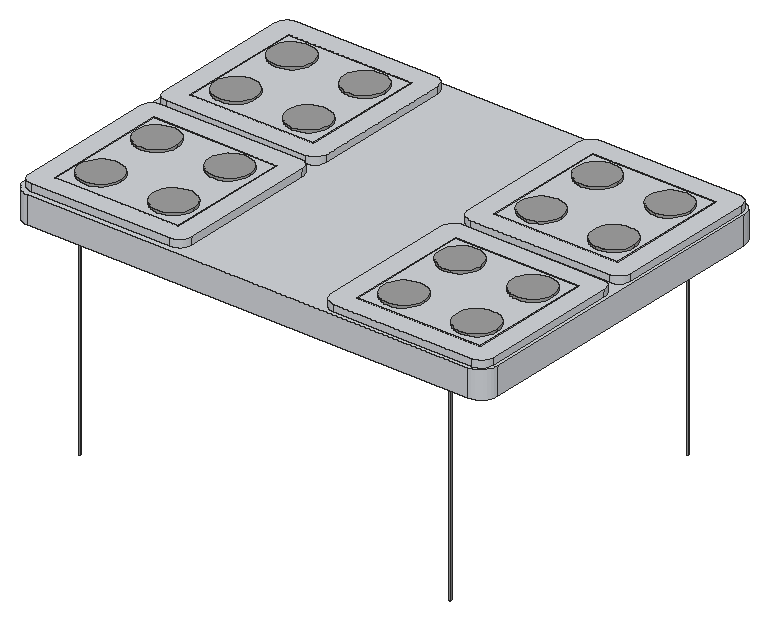
Revit family "Lighting-Industriale-GEWISS-SMART[4]HACCP_APPARECCHI-LED_4M", category Apparecchi per illuminazione, Revit 2019
Family settings
  Quota connettore circolare = Usa diametro
  Tipo di parte = Normale
  Numero OmniClass = 23.80.70.00
  Titolo OmniClass = Lighting
  Basato su piano di lavoro = Sì
  Sempre verticale = No
  Taglio con vuoti quando caricato = No
  Sorgente d'illuminazione = No
  Condiviso = No
  Punto di calcolo locali = No
Parameters (values of type "GWS4420HQ857 - SMART4HB 4M S.A.ON/OFF HACCP ELL.57K")
  Voltaggio = 230 V
  Viti esterne = "Acciaio inox"
  Versione file RFA = "20.11"
  Vano di alimentazione = "Integrato"
  URL = "https://www.gewiss.com/it/it"
  Tolleranza cromatica = "SDCM = 3"
  Tipologia sorgente luminosa = "LED - Non sostituibile"
  Tipo di installazione e montaggio = "Plafone - Parete - Sospensione"
  Tipo di apparecchio = "Riflettore industriale a LED&nbsp;"
  Tensione di alimentazione = "220 - 240 V"
  Temperatura di stoccaggio = "-40 +70 °C"
  Temperatura di esercizio = "-30 +50 °C"
  Temperatura di colore = "5700K"
  Superficie massima esposta al vento : = "0,350 m²"
  Spostamento_y_etichetta [instance] = 0 mm
  Spostamento_y_effettivo_etichetta [instance] = 1500 mm - Spostamento_y_etichetta  # 1500 mm
  Spostamento_x_etichetta [instance] = 0 mm
  Spostamento_x_effettivo_etichetta [instance] = 1500 mm - Spostamento_x_etichetta  # 1500 mm
  SostituibilitÃ  piastra di cablaggio = "Non sostituibile"
  SostituibilitÃ  gruppo ottico = "Non sostituibile"
  Sistema di controllo : = "ON / OFF"
  Sistema di controllo = "ON / OFF"
  Schermo = "PMMA"
  Scheda Tecnica = "https://www.gewiss.com/it/it/search?q=GWS4420HQ857"
  SEO = "High bay"
  Resistenza al filo incandescente = "650 °C"
  Resistenza agli urti = "IK07"
  Produttore = "GEWISS S.p.A."
  Potenza di sistema = "253W"
  Peso (kg): = "13,5"
  Ottica = "Ellittica"
  Offset etichetta W [instance] = 150 mm
  Norma di riferimento = "EN 60598-1 ; EN 60598-2-1 ; EN 60598-2-24"
  Modello = "GWS4420HQ857"
  Materiali = "-"
  Lumen output (lm) = "32500"
  Lampada = "LED"
  Installazione e manutenzione = "-"
  Informazioni generali = "-"
  Indice di resa cromatica = "CRI-80"
  Inclinazione = "Con accessorio staffa"
  Immagine tipo = GWL1371.jpg
  IPEA = "-"
  IFC.TypeObject = ""
  IFC.ExportType = ""
  IFC.ExportAs = ""
  IDT = "6af7526969d54a719d91d201a8e6a89f"
  IDF = "8405f99d-8aa0-4b3a-978f-5f6364963bb9"
  Guarnizioni = "tipo siliconico antinvecchiamento "
  Gruppo ottico = "Riflettore in PC metallizzato e lenti in PMMA"
  Grado di protezione = "IP65"
  Garanzia = "5 anni"
  Gancio di chiusura = "-"
  Frequenza nominale (Hz) = "50/60 Hz"
  Fissaggio = "-"
  Finitura colore = "Grigio RAL 7035"
  Etichetta wattaggio [instance] = yes
  Spessore plafoniera = 40 mm  # constant formula
  Default Elevation = 1219.2 mm
  Proiettsmart4_simb [instance] = yes
  Plafoniera_bidimensionale [instance] = not(Proiettsmart4_simb)  # no
  Efficienza luminosa (lm/W) = "128"
  Durata di vita = "L90B10 (Tq+25°C) = 70.000 h - L90B10 (Tq+50°C) = 35.000 h"
  Dispositivo di protezione = "DM 6 kV / CM 10 kV"
  Descrizione = "SMART[4]HB 4M S.A.ON/OFF HACCP ELL.57K"
  Creato da GEWISS S.p.A. = ""
  Corpo = "PA6 “Halogen Free” caricato fibra vetro"
  Controllo abbagliamento e luminanza = "-"
  Contesto = "Illuminazione di logistiche e locali produttivi industriali di tipo alimentari"
  Commenti sul wattaggio = "194W"
  Colore = "Grigio RAL 7035"
  Codice digitale univoco (Datamatrix) = "Datamatrix"
  Codice Electrocod = "2444"
  Classificazione: = "-"
  Classificazione = Lighting
  Classe isolamento = "I"
  Classe fotobiologica = "RG0"
  Certificazioni e classificazioni = "-"
  Certificazione DIN 18032-3 = "-"
  Catalogo = "LIGHTING"
  Carico apparente = 194 VA
  Lunghezza = 700 mm  # constant formula
  Larghezza = 504 mm  # constant formula
  Distanza_tot_plafoniera [instance] = 300 mm
  Distanza Sorg_Lum = 21.458 mm
  Caratteristiche ottiche e illuminotecniche = "-"
  Caratteristiche elettriche e gestione della luce = "-"
  Cablaggio = "Con connettore stagno Gw connect"
  COBie.Tagnumber = ""
  COBie.CreatedOn = ""
  COBie.CreatebBy = ""
  COBie.ComponentRegisterItemID = ""
  COBie.Component.TagNumber = ""
  COBie.Component.Space = ""
  COBie.Component.SerialNumber = ""
  COBie.Component.InstallationDate = ""
  COBie.Component.Description = ""
  COBie.Component.BarCode = ""
  Applicazione = "Interno"
  Apparecchio a ridotta temperatura superficiale = "Si"
  Alimentatore = "Incluso"
Types (12, lengths in mm): name | Temperatura di colore | Scheda Tecnica | SEO | Ottica | Modello | Lumen output (lm) | IDT | Gruppo ottico | Efficienza luminosa (lm/W) | Descrizione | Controllo abbagliamento e luminanza
  GWS4420HA840 - SMART4HB 4M S.A.ON/OFF HACCP ARR.40K | "4000K" | "https://www.gewiss.com/it/it/search?q=GWS4420HA840" | "" | "Array" | "GWS4420HA840" | "36400" | "e019ae3f481d4e8c9de7f0ac2febc06f" | "Riflettore in PC metallizzato" | "144" | "SMART[4]HB 4M S.A.ON/OFF HACCP ARR.40K" | "UGR - 25"
  GWS4420HA857 - SMART4HB 4M S.A.ON/OFF HACCP ARR.57K | "5700K" | "https://www.gewiss.com/it/it/search?q=GWS4420HA857" | "" | "Array" | "GWS4420HA857" | "36400" | "0e2e5ebdaf1442a48c1e6b9add2bb6ce" | "Riflettore in PC metallizzato" | "144" | "SMART[4]HB 4M S.A.ON/OFF HACCP ARR.57K" | "UGR - 25"
  GWS4420HC840 - SMART4HB 4M S.A.ON/OFF HACCP ASI.40K | "4000K" | "https://www.gewiss.com/it/it/search?q=GWS4420HC840" | "High bay" | "Asimmetrica" | "GWS4420HC840" | "33000" | "44559c78d6a34dcca4d0aa63fcb39f96" | "Riflettore in PC metallizzato e lenti in PMMA" | "130" | "SMART[4]HB 4M S.A.ON/OFF HACCP ASI.40K" | "-"
  GWS4420HC857 - SMART4HB 4M S.A.ON/OFF HACCP ASI.57K | "5700K" | "https://www.gewiss.com/it/it/search?q=GWS4420HC857" | "High bay" | "Asimmetrica" | "GWS4420HC857" | "33000" | "1474f6b6970642a79c6fa81210ae103d" | "Riflettore in PC metallizzato e lenti in PMMA" | "130" | "SMART[4]HB 4M S.A.ON/OFF HACCP ASI.57K" | "-"
  GWS4420HF840 - SMART4HB 4M S.A.ON/OFF HACCP 30° 40K | "4000K" | "https://www.gewiss.com/it/it/search?q=GWS4420HF840" | "" | "30°" | "GWS4420HF840" | "35700" | "2de4e512d7004454be497bd38de6ee3e" | "Riflettore in PC metallizzato e lenti in PMMA" | "141" | "SMART[4]HB 4M S.A.ON/OFF HACCP 30° 40K" | "UGR - 19"
  GWS4420HF857 - SMART4HB 4M S.A.ON/OFF HACCP 30° 57K | "5700K" | "https://www.gewiss.com/it/it/search?q=GWS4420HF857" | "" | "30°" | "GWS4420HF857" | "35700" | "50b38582a67c4cac80b5449c80ae3b39" | "Riflettore in PC metallizzato e lenti in PMMA" | "141" | "SMART[4]HB 4M S.A.ON/OFF HACCP 30° 57K" | "UGR - 19"
  GWS4420HH840 - SMART4HB 4M S.A.ON/OFF HACCP 60° 40K | "4000K" | "https://www.gewiss.com/it/it/search?q=GWS4420HH840" | "" | "60°" | "GWS4420HH840" | "36100" | "88c43bf56b84402faefd49b93192b908" | "Riflettore in PC metallizzato e lenti in PMMA" | "143" | "SMART[4]HB 4M S.A.ON/OFF HACCP 60° 40K" | "UGR - 22"
  GWS4420HH857 - SMART4HB 4M S.A.ON/OFF HACCP 60° 57K | "5700K" | "https://www.gewiss.com/it/it/search?q=GWS4420HH857" | "" | "60°" | "GWS4420HH857" | "36100" | "4633d56f5df94cad8f6a7aae80280d63" | "Riflettore in PC metallizzato e lenti in PMMA" | "143" | "SMART[4]HB 4M S.A.ON/OFF HACCP 60° 57K" | "UGR - 22"
  GWS4420HP840 - SMART4HB 4M S.A.ON/OFF HACCP 90° 40K | "4000K" | "https://www.gewiss.com/it/it/search?q=GWS4420HP840" | "" | "90°" | "GWS4420HP840" | "36100" | "a249c8cc7a574d479e30ffedf1397ed4" | "Riflettore in PC metallizzato e lenti in PMMA" | "143" | "SMART[4]HB 4M S.A.ON/OFF HACCP 90° 40K" | "UGR - 22"
  GWS4420HP857 - SMART4HB 4M S.A.ON/OFF HACCP 90° 57K | "5700K" | "https://www.gewiss.com/it/it/search?q=GWS4420HP857" | "" | "90°" | "GWS4420HP857" | "36100" | "073f246ff85e470e91d2c20ad3ee5524" | "Riflettore in PC metallizzato e lenti in PMMA" | "143" | "SMART[4]HB 4M S.A.ON/OFF HACCP 90° 57K" | "UGR - 22"
  GWS4420HQ840 - SMART4HB 4M S.A.ON/OFF HACCP ELL.40K | "4000K" | "https://www.gewiss.com/it/it/search?q=GWS4420HQ840" | "High bay" | "Ellittica" | "GWS4420HQ840" | "32500" | "c1b6bdee583b4ed0976e2138c489e209" | "Riflettore in PC metallizzato e lenti in PMMA" | "128" | "SMART[4]HB 4M S.A.ON/OFF HACCP ELL.40K" | "-"
  GWS4420HQ857 - SMART4HB 4M S.A.ON/OFF HACCP ELL.57K | "5700K" | "https://www.gewiss.com/it/it/search?q=GWS4420HQ857" | "High bay" | "Ellittica" | "GWS4420HQ857" | "32500" | "6af7526969d54a719d91d201a8e6a89f" | "Riflettore in PC metallizzato e lenti in PMMA" | "128" | "SMART[4]HB 4M S.A.ON/OFF HACCP ELL.57K" | "-"
Reference planes
  plane 1 "Asse sorgente illuminazione (F/B)": y = 0
  plane 2 "2": z = 0
  plane 3 "Asse sorgente illuminazione (L/R)": x = 0
  plane 4 "Prospetto sorgente di illuminazione": z = 1500
  plane 5: x = -350
  plane 6: y = 252
  plane 7: x = 350
  plane 8: y = -252
  plane 9: x = 345
  plane 10: x = -345
  plane 11: x = -104.5
  plane 12: x = 104.5
  plane 13: y = 0
  plane 14: y = -1500
  plane 15: z = 300
  plane 16: z = 340
  plane 17: z = 350
  plane 18: x = -1500
  plane 19: x = 0
  plane 20: y = 0
Dimensions and locks
  equal spacing: plane 6, plane 1 "Asse sorgente illuminazione (F/B)", plane 8
  "Larghezza": plane 6 to plane 8
  equal spacing: plane 5, plane 3 "Asse sorgente illuminazione (L/R)", plane 7
  "Lunghezza": plane 5 to plane 7
  locked: plane 5 to plane 10 at 5
  locked: plane 9 to plane 7 at 5
  locked: plane 16 to plane 15 at 40
  plane 17 to plane 16 = 10 mm
  "Distanza_tot_plafoniera": plane 15 to plane 2 "2"
  plane 18 to plane 3 "Asse sorgente illuminazione (L/R)" = 1500 mm
  plane 1 "Asse sorgente illuminazione (F/B)" to plane 14 = 1500 mm
  "Spostamento_y_effettivo_etichetta": plane 20 to plane 14
  "Spostamento_x_effettivo_etichetta": plane 18 to plane 19
  aligned and locked: level to plane 2 "2"
  aligned and locked: plane 5 to nested 1
  aligned and locked: plane 6 to nested 1
  aligned and locked: plane 9 to nested 2  (x2)
  aligned and locked: plane 10 to nested 12
  aligned and locked: nested 1 to plane 15
  aligned and locked: nested 17 to plane 16
  aligned and locked: plane 16 to nested 12
  aligned and locked: plane 16 to nested 7
  aligned and locked: nested 2 to plane 16
  aligned and locked: plane 17 to nested 19
  aligned and locked: nested 21 to plane 17
  aligned and locked: plane 17 to nested 16
  aligned and locked: nested 14 to plane 17
  aligned and locked: plane 17 to nested 18
  aligned and locked: nested 20 to plane 17
  aligned and locked: plane 17 to nested 15
  aligned and locked: nested 13 to plane 17
  aligned and locked: nested 8 to plane 17
  aligned and locked: plane 17 to nested 10
  aligned and locked: nested 5 to plane 17
  aligned and locked: plane 17 to nested 3
  aligned and locked: nested 9 to plane 17
  aligned and locked: plane 17 to nested 11
  aligned and locked: nested 6 to plane 17
  aligned and locked: plane 17 to nested 4
  aligned and locked: nested 22 to plane 2 "2"
  aligned and locked: nested 23 to plane 2 "2"
  aligned and locked: nested 24 to plane 2 "2"
  aligned and locked: nested 25 to plane 2 "2"
  aligned and locked: nested 28 to plane 20
  aligned and locked: nested 28 to plane 19
Nested families
  nested 1: "Struttura_SMART 4" at (0, 0, 340), type "SMART 4 HB - 4 x 4L"
  nested 2: "mascherina_SMART (4)" at (225, 127, 350), type "Maschera_smart (4) 4L", detail levels fine
  nested 3: "Gewis - Led" at (172.217, 179, 353), type "Gewis - Led", detail levels medium+fine
  nested 4: "Gewis - Led" at (280, 179, 353), type "Gewis - Led", detail levels medium+fine
  nested 5: "Gewis - Led" at (172.217, 75, 353), type "Gewis - Led", detail levels medium+fine
  nested 6: "Gewis - Led" at (280, 75, 353), type "Gewis - Led", detail levels medium+fine
  nested 7: "mascherina_SMART (4)" at (225, -127, 350), type "Maschera_smart (4) 4L", detail levels fine
  nested 8: "Gewis - Led" at (172.217, -179, 353), type "Gewis - Led", detail levels medium+fine
  nested 9: "Gewis - Led" at (280, -179, 353), type "Gewis - Led", detail levels medium+fine
  nested 10: "Gewis - Led" at (172.217, -75, 353), type "Gewis - Led", detail levels medium+fine
  nested 11: "Gewis - Led" at (280, -75, 353), type "Gewis - Led", detail levels medium+fine
  nested 12: "mascherina_SMART (4)" at (-225, 127, 350) x (-1, 0, 0) z (0, 0, 1), type "Maschera_smart (4) 4L", detail levels fine
  nested 13: "Gewis - Led" at (-172.217, 179, 353) x (-1, 0, 0) z (0, 0, 1), type "Gewis - Led", detail levels medium+fine
  nested 14: "Gewis - Led" at (-280, 179, 353) x (-1, 0, 0) z (0, 0, 1), type "Gewis - Led", detail levels medium+fine
  nested 15: "Gewis - Led" at (-172.217, 75, 353) x (-1, 0, 0) z (0, 0, 1), type "Gewis - Led", detail levels medium+fine
  nested 16: "Gewis - Led" at (-280, 75, 353) x (-1, 0, 0) z (0, 0, 1), type "Gewis - Led", detail levels medium+fine
  nested 17: "mascherina_SMART (4)" at (-225, -123, 350) x (-1, 0, 0) z (0, 0, 1), type "Maschera_smart (4) 4L", detail levels fine
  nested 18: "Gewis - Led" at (-172.217, -175, 353) x (-1, 0, 0) z (0, 0, 1), type "Gewis - Led", detail levels medium+fine
  nested 19: "Gewis - Led" at (-280, -175, 353) x (-1, 0, 0) z (0, 0, 1), type "Gewis - Led", detail levels medium+fine
  nested 20: "Gewis - Led" at (-172.217, -71, 353) x (-1, 0, 0) z (0, 0, 1), type "Gewis - Led", detail levels medium+fine
  nested 21: "Gewis - Led" at (-280, -71, 353) x (-1, 0, 0) z (0, 0, 1), type "Gewis - Led", detail levels medium+fine
  nested 22: "Sospensione_ SMART LAB 4" at (274.338, -220.687, 0), Altezza sospensione <- "Distanza_tot_plafoniera", type "Sospensione_ SMART LAB 4"
    with Altezza sospensione 300 mm
  nested 23: "Sospensione_ SMART LAB 4" at (274.338, 219.313, 0), Altezza sospensione <- "Distanza_tot_plafoniera", type "Sospensione_ SMART LAB 4"
    with Altezza sospensione 300 mm
  nested 24: "Sospensione_ SMART LAB 4" at (-274.338, -220.687, 0), Altezza sospensione <- "Distanza_tot_plafoniera", type "Sospensione_ SMART LAB 4"
    with Altezza sospensione 300 mm
  nested 25: "Sospensione_ SMART LAB 4" at (-274.338, 219.313, 0), Altezza sospensione <- "Distanza_tot_plafoniera", type "Sospensione_ SMART LAB 4"
    with Altezza sospensione 300 mm
  nested 26: "Rappr_ bidimensionale" at (0, 0, 0), visible <- "Plafoniera_bidimensionale", type "4 X4 LED"
  nested 27: "PROIETTSMART - 4" at (0, 0, 0), visible <- "Proiettsmart4_simb", type "PROIETTSMART - 4"
  nested 28: "ETICHETTA LIGHT" at (0, 0, 0), type "ETICHETTA LIGHT"
Connectors
  electrical at (0.009, -0.098, 300), driven by "Classificazione", driven by "Carico apparente"
    settings: on nested 1, index 1, voltage 230 V, apparent load 0 VA, apparent load phase1 194 VA, apparent load phase2 0 VA, apparent load phase3 0 VA, power factor 1, load classification "Lighting", number of poles 2, system type 31, power factor state 1, is connector primary yes, connector utility no, sub classification motor no, connector description ""
Definition of nested family "Struttura_SMART 4"
  Parameters (values of type "SMART 4 HB - 4 x 4L")
    Struttura plafoniera = none
    Spessore_plafoniera = 40 mm
    Lunghezza = 700 mm
    Larghezza = 504 mm
  Types (2, lengths in mm): name | Lunghezza | Larghezza
    SMART 4 HB - 4+4L | 699 | 254
    SMART 4 HB - 4 x 4L | 700 | 504
  Reference planes
    plane 1 "Asse sorgente illuminazione (F/B)": y = 0
    plane 2: z = 0
    plane 3 "Asse sorgente illuminazione (L/R)": x = 0
    plane 4 "Prospetto sorgente di illuminazione": z = -40
    plane 5 "SX": x = -350
    plane 6 "DX": x = 350
    plane 7 "DIETRO": y = 252
    plane 8 "AVANTI": y = -252
    plane 9: x = 107
    plane 10: x = 339
    plane 11: y = -241
    plane 12: y = 241
    plane 13: x = -339
    plane 14: x = -107
  Forms (mm)
    Extrusion 1, solid, material <- "Struttura plafoniera"
      sketch origin (0, 0, 0) x (1, 0, 0) y (0, 1, 0)
        loop
          line (350, -227.595) -> (350, 227.59)
          arc (350, 227.59) -> (342.85, 244.85) -> (325.59, 252) r 24.41
          line (325.59, 252) -> (-325.509, 252)
          arc (-325.509, 252) -> (-343.054, 244.6) -> (-350, 226.871) r 24.499
          line (-350, 226.871) -> (-350, -227.592)
          arc (-350, -227.592) -> (-342.851, -244.851) -> (-325.592, -252) r 24.408
          line (-325.592, -252) -> (325.617, -252)
          arc (325.617, -252) -> (342.834, -244.868) -> (349.965, -227.652) r 24.348
      from -40 to 0
  Dimensions and locks
    equal spacing: plane 5 "SX", plane 3 "Asse sorgente illuminazione (L/R)", plane 6 "DX"
    equal spacing: plane 7 "DIETRO", plane 1 "Asse sorgente illuminazione (F/B)", plane 8 "AVANTI"
    "Lunghezza": plane 5 "SX" to plane 6 "DX"
    "Larghezza": plane 7 "DIETRO" to plane 8 "AVANTI"
    locked: plane 7 "DIETRO" to plane 12 at 11
    locked: plane 11 to plane 8 "AVANTI" at 11
    locked: plane 10 to plane 6 "DX" at 11
    locked: plane 9 to plane 10 at 232
    plane 13 to plane 14 = 232 mm
    locked: plane 5 "SX" to plane 13 at 11
    "Spessore_plafoniera": plane 2 to plane 4 "Prospetto sorgente di illuminazione"
    aligned and locked: level to plane 2
    aligned and locked: Extrusion 1 to plane 5 "SX"
    aligned and locked: Extrusion 1 to plane 8 "AVANTI"  (x2)
    aligned and locked: plane 7 "DIETRO" to Extrusion 1
    aligned and locked: plane 6 "DX" to Extrusion 1
    aligned and locked: plane 4 "Prospetto sorgente di illuminazione" to Extrusion 1
    aligned and locked: plane 2 to Extrusion 1
  Automatic sketch dimensions
    Extrusion 1 sketch curve to plane 5 "SX" = 0 mm
    Extrusion 1 sketch curve to plane 8 "AVANTI" = 0 mm
    Extrusion 1 sketch curve to plane 7 "DIETRO" = 0 mm
    Extrusion 1 sketch curve to plane 6 "DX" = 0 mm
    plane 13 to Extrusion 1 sketch curve = 13.408 mm
    plane 13 to Extrusion 1 sketch curve = 13.491 mm
    Extrusion 1 sketch curve to plane 10 = 13.41 mm
    Extrusion 1 sketch curve to plane 10 = 13.383 mm
    plane 11 to Extrusion 1 sketch curve = 13.348 mm
    Extrusion 1 sketch curve to plane 12 = 14.129 mm
    Extrusion 1 sketch curve to Extrusion 1 sketch curve = 0.056 mm
Definition of nested family "mascherina_SMART (4)"
  Parameters (values of type "Maschera_smart (4) 4L")
    Spessore_mascherina = 10 mm
    Default Elevation = 1219.2 mm
    N.intarsi = (Lunghezza_mascherina - (Bordo * 2)) / 15 mm  # 12
    N._intarsi verticale = (Larghezza_mascherina - (Bordo * 2)) / 17 mm  # 11
    Mascherina = none
    Lunghezza_mascherina = 240 mm
    Larghezza_mascherina = 240 mm
    Distanza_intarsi v. = 41 mm  # constant formula
    Distanza_intarsi = 37 mm  # constant formula
    Bordo = 29 mm
  Reference planes
    plane 1 "Centro (Fronte/Retro)": y = 0
    plane 2: z = 0
    plane 3 "Centro (Sinistra/Destra)": x = 0
    plane 4: x = -120
    plane 5 "Dietro": y = 120
    plane 6: x = 120
    plane 7: y = -120
    plane 8: x = -91
    plane 9: y = -91
    plane 10: x = 91
    plane 11: y = 91
    plane 12: x = -83
    plane 13: y = 94.742
    plane 14: y = -95
    plane 15: z = -10
    plane 16: x = -95
    plane 17: y = 79
    plane 18: y = -79
    plane 19: x = 95
    plane 20: z = -4.799
  Forms (mm)
    Extrusion 1, solid, material <- "Mascherina"
      sketch origin (0, 0, 0) x (1, 0, 0) y (0, 1, 0)
        loop
          arc (-102.5, 120) -> (-114.874, 114.874) -> (-120, 102.5) r 17.5
          line (-120, 102.5) -> (-120, -102.5)
          arc (-120, -102.5) -> (-114.874, -114.874) -> (-102.5, -120) r 17.5
          line (-102.5, -120) -> (102.5, -120)
          arc (102.5, -120) -> (114.874, -114.874) -> (120, -102.5) r 17.5
          line (120, -102.5) -> (120, 102.5)
          arc (120, 102.5) -> (114.874, 114.874) -> (102.5, 120) r 17.5
          line (102.5, 120) -> (-102.5, 120)
        loop
          line (-91, 91) -> (-91, -91) -> (91, -91) -> (91, 91) -> (-91, 91)
      from -10 to 0
    Extrusion 2, solid, material <- "Mascherina"
      sketch origin (0, 0, 0) x (1, 0, 0) y (0, 1, 0)
        loop
          line (-91, 91) -> (-91, -91) -> (91, -91) -> (91, 91) -> (-91, 91)
      from -4.799 to 0
  Dimensions and locks
    equal spacing: plane 4, plane 3 "Centro (Sinistra/Destra)", plane 6
    "Lunghezza_mascherina": plane 4 to plane 6
    equal spacing: plane 5 "Dietro", plane 1 "Centro (Fronte/Retro)", plane 7
    "Larghezza_mascherina": plane 5 "Dietro" to plane 7
    "Bordo": plane 4 to plane 8
    "Bordo": plane 9 to plane 7
    "Bordo": plane 5 "Dietro" to plane 11
    "Bordo": plane 10 to plane 6
    "Distanza_intarsi": plane 4 to plane 12
    locked: plane 13 to plane 11 at 3.742
    "Spessore_mascherina": plane 2 to plane 15
    "Distanza_intarsi v.": plane 5 "Dietro" to plane 17
    "Distanza_intarsi v.": plane 18 to plane 7
    locked: plane 9 to plane 14 at 4
    locked: plane 16 to plane 8 at 4
    locked: plane 10 to plane 19 at 4
    locked: plane 2 to plane 20 at 4.799
    radius of Extrusion 1 sketch curve = 17.5 mm  (x4)
    aligned and locked: level to plane 2
    aligned and locked: plane 4 to Extrusion 1 sketch curve
    aligned and locked: plane 6 to Extrusion 1 sketch curve
    aligned and locked: Extrusion 1 sketch curve to plane 5 "Dietro"
    aligned and locked: Extrusion 1 sketch curve to plane 7
    aligned and locked: Extrusion 1 sketch curve to plane 11
    aligned and locked: plane 8 to Extrusion 1 sketch curve
    aligned and locked: plane 9 to Extrusion 1 sketch curve
    aligned and locked: Extrusion 1 sketch curve to plane 10
    aligned and locked: plane 2 to Extrusion 1
    aligned and locked: Extrusion 1 to plane 15
    aligned and locked: Extrusion 2 sketch curve to plane 10
    aligned and locked: plane 9 to Extrusion 2 sketch curve
    aligned and locked: plane 8 to Extrusion 2 sketch curve
    aligned and locked: Extrusion 2 sketch curve to plane 11
    aligned and locked: plane 2 to Extrusion 2
    aligned and locked: Extrusion 2 to plane 20
Definition of nested family "Gewis - Led"
  Parameters (values of type "Gewis - Led")
    Vetro = none
    Raggio led = 30 mm
    Default Elevation = 1219.2 mm
    Estensione vetro = 3 mm
  Reference planes
    plane 1 "Centro (Fronte/Retro)": y = 0
    plane 2: z = 0
    plane 3 "Centro (Sinistra/Destra)": x = 0
  Forms (mm)
    Extrusion 1, solid, material <- "Vetro"
      sketch origin (0, 0, 0) x (1, 0, 0) y (0, 1, 0)
        loop
          circle (0, 0) r 30
      from -3 to 0
  Dimensions and locks
    "Estensione vetro": level to Extrusion 1
    "Raggio led": radius of Extrusion 1 sketch curve
    aligned and locked: level to plane 2
    aligned and locked: level to Extrusion 1
  Automatic sketch dimensions
    plane 1 "Centro (Fronte/Retro)" to Extrusion 1 sketch curve = 0 mm
    Extrusion 1 sketch curve to plane 3 "Centro (Sinistra/Destra)" = 0 mm
Definition of nested family "Sospensione_ SMART LAB 4"
  Parameters (values of type "Sospensione_ SMART LAB 4")
    Default Elevation = 1219.2 mm
    Altezza sospensione [instance] = 500 mm
  Reference planes
    plane 1 "Center (Front/Back)": y = 0
    plane 2: z = 0
    plane 3 "Center (Left/Right)": x = 0
    plane 4: z = 500
  Forms (mm)
    Extrusion 1, solid
      sketch origin (0, 0, 0) x (1, 0, 0) y (0, 1, 0)
        loop
          circle (0, -0.028) r 1.25
      from 0 to 500
  Lines and regions (mm)
    model lines, not visible
      curve 1: line (0, 0, 0) -> (0, 0, 9.482)
  Dimensions and locks
    "Altezza sospensione": plane 4 to level
    plane 4 to plane 2 = 500 mm
    aligned and locked: level to plane 2
    aligned and locked: plane 4 to Extrusion 1
    aligned and locked: Extrusion 1 to plane 2
  Automatic sketch dimensions
    Extrusion 1 sketch curve to plane 3 "Center (Left/Right)" = 0 mm
    plane 1 "Center (Front/Back)" to Extrusion 1 sketch curve = 0.028 mm
    curve 1 to plane 3 "Center (Left/Right)" = 0 mm
    curve 1 to level = 0 mm
    curve 1 to curve 1 = 9.482 mm
    radius of Extrusion 1 sketch curve = 1.25 mm
Definition of nested family "Rappr_ bidimensionale"
  Parameters (values of type "4 X4 LED")
    5 LED = no
    4 LED = not([5 LED])  # yes
  Reference planes
    plane 1 "Centro (Fronte/Retro)": y = 0
    plane 2: z = 0
    plane 3 "Centro (Sinistra/Destra)": x = 0
  Lines and regions (mm)
    model lines, in view "Livello rif.", visible <- "4 LED"
      curve 1: circle (176.124, 171.566, 0) r 28.619 normal (0, 0, 1)
      curve 2: circle (270.124, 77.566, 0) r 28.619 normal (0, 0, 1)
      curve 3: circle (176.124, 77.566, 0) r 28.619 normal (0, 0, 1)
      curve 4: circle (270.124, 171.566, 0) r 28.619 normal (0, 0, 1)
      curve 5: circle (-175.025, 77.434, 0) r 28.619 normal (0, 0, 1)
      curve 6: circle (-269.025, 171.434, 0) r 28.619 normal (0, 0, 1)
      curve 7: circle (-175.025, 171.434, 0) r 28.619 normal (0, 0, 1)
      curve 8: circle (-269.025, 77.434, 0) r 28.619 normal (0, 0, 1)
      curve 9: circle (-175.025, -171.611, 0) r 28.619 normal (0, 0, 1)
      curve 10: circle (-269.025, -77.611, 0) r 28.619 normal (0, 0, 1)
      curve 11: circle (-175.025, -77.611, 0) r 28.619 normal (0, 0, 1)
      curve 12: circle (-269.025, -171.611, 0) r 28.619 normal (0, 0, 1)
      curve 13: circle (176.124, -77.434, 0) r 28.619 normal (0, 0, 1)
      curve 14: circle (270.124, -171.434, 0) r 28.619 normal (0, 0, 1)
      curve 15: circle (176.124, -171.434, 0) r 28.619 normal (0, 0, 1)
      curve 16: circle (270.124, -77.434, 0) r 28.619 normal (0, 0, 1)
    model lines, in view "Livello rif."
      curve 17: arc (-326.07, 251.865, 0) -> (-342.562, 245.006, 0) -> (-349.39, 228.5, 0) r 23.365
      curve 18: arc (350.489, 228.546, 0) -> (343.613, 245.054, 0) -> (327.079, 251.865, 0) r 23.365
      curve 19: arc (327.098, -251.865, 0) -> (343.653, -245.015, 0) -> (350.489, -228.454, 0) r 23.365
      curve 20: arc (-349.39, -228.5, 0) -> (-342.555, -245.013, 0) -> (-326.05, -251.865, 0) r 23.365
      curve 21: arc (-102.728, -20.5, 0) -> (-107.214, -9.678, 0) -> (-118.041, -5.203, 0) r 15.297
      curve 22: arc (-118.041, 5.203, 0) -> (-107.214, 9.678, 0) -> (-102.728, 20.5, 0) r 15.297
      curve 23: arc (-118.041, -243.797, 0) -> (-107.214, -239.322, 0) -> (-102.728, -228.5, 0) r 15.297
      curve 24: arc (327.107, 5.203, 0) -> (337.947, 9.69, 0) -> (342.421, 20.535, 0) r 15.297
      curve 25: arc (103.827, 20.465, 0) -> (108.314, 9.677, 0) -> (119.107, 5.203, 0) r 15.297
      curve 26: arc (119.089, 243.797, 0) -> (108.308, 239.316, 0) -> (103.827, 228.535, 0) r 15.297
      curve 27: arc (342.421, 228.535, 0) -> (337.916, 239.341, 0) -> (327.089, 243.797, 0) r 15.297
      curve 28: arc (-341.321, 20.535, 0) -> (-336.859, 9.702, 0) -> (-326.041, 5.203, 0) r 15.297
      curve 29: arc (-326.059, 243.797, 0) -> (-336.865, 239.292, 0) -> (-341.321, 228.465, 0) r 15.297
      curve 30: arc (-102.728, 228.5, 0) -> (-107.22, 239.329, 0) -> (-118.059, 243.797, 0) r 15.297
      curve 31: arc (342.421, -20.465, 0) -> (337.922, -9.666, 0) -> (327.107, -5.203, 0) r 15.297
      curve 32: arc (327.107, -243.797, 0) -> (337.947, -239.31, 0) -> (342.421, -228.465, 0) r 15.297
      curve 33: arc (103.827, -228.535, 0) -> (108.314, -239.323, 0) -> (119.107, -243.797, 0) r 15.297
      curve 34: arc (119.107, -5.203, 0) -> (108.314, -9.677, 0) -> (103.827, -20.465, 0) r 15.297
      curve 35: arc (-341.321, -228.465, 0) -> (-336.859, -239.298, 0) -> (-326.041, -243.797, 0) r 15.297
      curve 36: arc (-326.041, -5.203, 0) -> (-336.859, -9.702, 0) -> (-341.321, -20.535, 0) r 15.297
      curve 37: line (130.624, 32, 0) -> (130.624, 217, 0)
      curve 38: line (130.624, 217, 0) -> (315.624, 217, 0)
      curve 39: line (315.624, 217, 0) -> (315.624, 32, 0)
      curve 40: line (315.624, 32, 0) -> (130.624, 32, 0)
      curve 41: line (-129.525, 32, 0) -> (-314.525, 32, 0)
      curve 42: line (-314.525, 32, 0) -> (-314.525, 217, 0)
      curve 43: line (-314.525, 217, 0) -> (-129.525, 217, 0)
      curve 44: line (-129.525, 217, 0) -> (-129.525, 32, 0)
      curve 45: line (-129.525, -217.045, 0) -> (-314.525, -217.045, 0)
      curve 46: line (-314.525, -217.045, 0) -> (-314.525, -32.045, 0)
      curve 47: line (-314.525, -32.045, 0) -> (-129.525, -32.045, 0)
      curve 48: line (-129.525, -32.045, 0) -> (-129.525, -217.045, 0)
      curve 49: line (130.624, -217, 0) -> (130.624, -32, 0)
      curve 50: line (130.624, -32, 0) -> (315.624, -32, 0)
      curve 51: line (315.624, -32, 0) -> (315.624, -217, 0)
      curve 52: line (315.624, -217, 0) -> (130.624, -217, 0)
      curve 53: line (-349.39, 228.5, 0) -> (-349.39, -228.5, 0)
      curve 54: line (327.079, 251.865, 0) -> (-326.07, 251.865, 0)
      curve 55: line (350.489, -228.454, 0) -> (350.489, 228.546, 0)
      curve 56: line (327.098, -251.865, 0) -> (-326.05, -251.865, 0)
      curve 57: line (-102.728, -228.5, 0) -> (-102.728, -20.5, 0)
      curve 58: line (-326.041, -5.203, 0) -> (-118.041, -5.203, 0)
      curve 59: line (-102.728, 20.5, 0) -> (-102.728, 228.5, 0)
      curve 60: line (-326.041, 5.203, 0) -> (-118.041, 5.203, 0)
      curve 61: line (119.107, 5.203, 0) -> (327.107, 5.203, 0)
      curve 62: line (103.827, 20.465, 0) -> (103.827, 228.535, 0)
      curve 63: line (119.089, 243.797, 0) -> (327.089, 243.797, 0)
      curve 64: line (342.421, 20.535, 0) -> (342.421, 228.535, 0)
      curve 65: line (-341.321, 20.535, 0) -> (-341.321, 228.465, 0)
      curve 66: line (-326.059, 243.797, 0) -> (-118.059, 243.797, 0)
      curve 67: line (119.107, -5.203, 0) -> (327.107, -5.203, 0)
      curve 68: line (342.421, -228.465, 0) -> (342.421, -20.465, 0)
      curve 69: line (119.107, -243.797, 0) -> (327.107, -243.797, 0)
      curve 70: line (103.827, -228.535, 0) -> (103.827, -20.465, 0)
      curve 71: line (-326.041, -243.797, 0) -> (-118.041, -243.797, 0)
      curve 72: line (-341.321, -228.465, 0) -> (-341.321, -20.535, 0)
    detail lines, in view "Livello rif.", visible <- "5 LED"
      curve 73: circle (-223.979, 122.48, 0) r 28.619 normal (0, 0, 1)
      curve 74: circle (-175.025, 77.434, 0) r 28.619 normal (0, 0, 1)
      curve 75: circle (-269.025, 171.434, 0) r 28.619 normal (0, 0, 1)
      curve 76: circle (-175.025, 171.434, 0) r 28.619 normal (0, 0, 1)
      curve 77: circle (-269.025, 77.434, 0) r 28.619 normal (0, 0, 1)
      curve 78: circle (176.124, 171.566, 0) r 28.619 normal (0, 0, 1)
      curve 79: circle (270.124, 77.566, 0) r 28.619 normal (0, 0, 1)
      curve 80: circle (176.124, 77.566, 0) r 28.619 normal (0, 0, 1)
      curve 81: circle (270.124, 171.566, 0) r 28.619 normal (0, 0, 1)
      curve 82: circle (-175.025, -171.611, 0) r 28.619 normal (0, 0, 1)
      curve 83: circle (-269.025, -77.611, 0) r 28.619 normal (0, 0, 1)
      curve 84: circle (-175.025, -77.611, 0) r 28.619 normal (0, 0, 1)
      curve 85: circle (-269.025, -171.611, 0) r 28.619 normal (0, 0, 1)
      curve 86: circle (176.124, -77.434, 0) r 28.619 normal (0, 0, 1)
      curve 87: circle (270.124, -171.434, 0) r 28.619 normal (0, 0, 1)
      curve 88: circle (176.124, -171.434, 0) r 28.619 normal (0, 0, 1)
      curve 89: circle (270.124, -77.434, 0) r 28.619 normal (0, 0, 1)
      curve 90: circle (-221.479, -125.02, 0) r 28.619 normal (0, 0, 1)
      curve 91: circle (221.694, -125.02, 0) r 28.619 normal (0, 0, 1)
      curve 92: circle (221.694, 124.956, 0) r 28.619 normal (0, 0, 1)
Definition of nested family "PROIETTSMART - 4"
  Reference planes
    plane 1 "Centro (Fronte/Retro)": y = 0
    plane 2: z = 0
    plane 3 "Centro (Sinistra/Destra)": x = 0
  Lines and regions (mm)
    model lines, in view "Livello rif."
      curve 1: line (134.982, -122.65, 0) -> (68.521, -89.561, 0)
      curve 2: line (68.521, -89.561, 0) -> (134.982, -56.075, 0)
      curve 3: line (134.982, -56.075, 0) -> (134.982, -122.65, 0)
      curve 4: line (68.521, -56.274, 0) -> (68.521, -122.849, 0)
      curve 5: line (68.521, -89.561, 0) -> (29.658, -89.561, 0)
      curve 6: line (134.982, -89.362, 0) -> (163.679, -89.362, 0)
      curve 7: line (198.934, -192.237, 0) -> (-201.066, -192.237, 0)
      curve 8: line (19.872, -13.139, 0) -> (172.718, -13.139, 0)
      curve 9: line (172.718, -13.139, 0) -> (172.718, -165.984, 0)
      curve 10: line (172.718, -165.984, 0) -> (19.872, -165.984, 0)
      curve 11: line (19.872, -165.984, 0) -> (19.872, -13.139, 0)
      curve 12: line (-59.74, -122.65, 0) -> (-126.201, -89.561, 0)
      curve 13: line (-126.201, -89.561, 0) -> (-59.74, -56.075, 0)
      curve 14: line (-59.74, -56.075, 0) -> (-59.74, -122.65, 0)
      curve 15: line (-126.201, -56.274, 0) -> (-126.201, -122.849, 0)
      curve 16: line (-126.201, -89.561, 0) -> (-165.064, -89.561, 0)
      curve 17: line (-59.74, -89.362, 0) -> (-31.043, -89.362, 0)
      curve 18: line (-174.85, -13.139, 0) -> (-22.005, -13.139, 0)
      curve 19: line (-22.005, -13.139, 0) -> (-22.005, -165.984, 0)
      curve 20: line (-22.005, -165.984, 0) -> (-174.85, -165.984, 0)
      curve 21: line (-174.85, -165.984, 0) -> (-174.85, -13.139, 0)
      curve 22: line (134.982, 56.449, 0) -> (68.521, 89.537, 0)
      curve 23: line (68.521, 89.537, 0) -> (134.982, 123.023, 0)
      curve 24: line (134.982, 123.023, 0) -> (134.982, 56.449, 0)
      curve 25: line (68.521, 122.824, 0) -> (68.521, 56.25, 0)
      curve 26: line (68.521, 89.537, 0) -> (29.658, 89.537, 0)
      curve 27: line (134.982, 89.736, 0) -> (163.679, 89.736, 0)
      curve 28: line (19.872, 165.96, 0) -> (172.718, 165.96, 0)
      curve 29: line (172.718, 165.96, 0) -> (172.718, 13.114, 0)
      curve 30: line (172.718, 13.114, 0) -> (19.872, 13.114, 0)
      curve 31: line (19.872, 13.114, 0) -> (19.872, 165.96, 0)
      curve 32: line (198.934, -192.237, 0) -> (198.934, 192.237, 0)
      curve 33: line (198.934, 192.237, 0) -> (-201.066, 192.237, 0)
      curve 34: line (-201.066, 192.237, 0) -> (-201.066, -192.237, 0)
      curve 35: line (-59.74, 56.449, 0) -> (-126.201, 89.537, 0)
      curve 36: line (-126.201, 89.537, 0) -> (-59.74, 123.023, 0)
      curve 37: line (-59.74, 123.023, 0) -> (-59.74, 56.449, 0)
      curve 38: line (-126.201, 122.824, 0) -> (-126.201, 56.25, 0)
      curve 39: line (-126.201, 89.537, 0) -> (-165.064, 89.537, 0)
      curve 40: line (-59.74, 89.736, 0) -> (-31.043, 89.736, 0)
      curve 41: line (-174.85, 165.96, 0) -> (-22.005, 165.96, 0)
      curve 42: line (-22.005, 165.96, 0) -> (-22.005, 13.114, 0)
      curve 43: line (-22.005, 13.114, 0) -> (-174.85, 13.114, 0)
      curve 44: line (-174.85, 13.114, 0) -> (-174.85, 165.96, 0)
Definition of nested family "ETICHETTA LIGHT"
  Parameters (values of type "ETICHETTA LIGHT")
    COMMENTI = "236W"
  Reference planes
    plane 1: y = 0
    plane 2: x = 0
  Text (mm)
    label "COMMENTI" at (-0.057, 0.105, 0), shows "COMMENTI"
